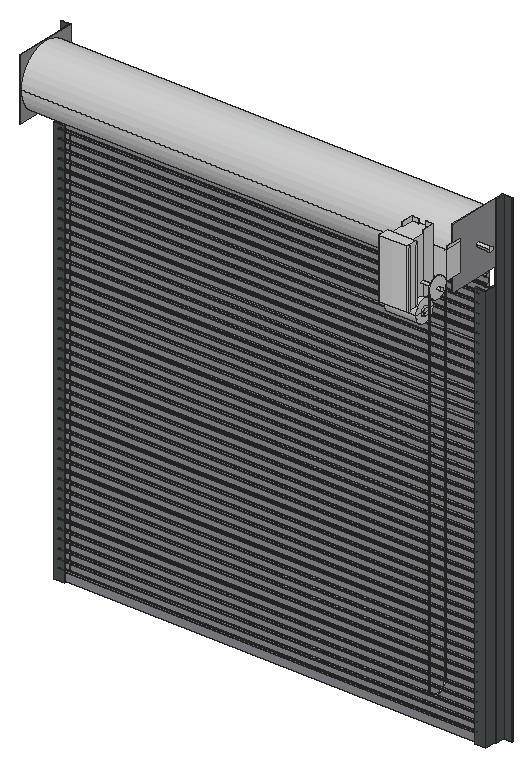
Revit family "Stormtite-Rolling-Steel-Service-Doors_OHD_Model-620_compact", category Specialty Equipment, host Wall, Revit 2023
Family settings
  Host = Wall
  Round Connector Dimension = Use Diameter
  Part Type = Normal
  OmniClass Number = 23.30.10.21.34
  OmniClass Title = Industrial Doors
  Enable Cutting in Views = No
  Always vertical = Yes
  Cut with Voids When Loaded = Yes
  Maintain Annotation Orientation = No
  Shared = No
  Room Calculation Point = No
Parameters (values of type "115 volts, one phase, 60 Hz (110-120V range)")
  Width Count [instance] = if(or(Opening Width < 240", Opening Width = 240"), 20, if(or(Opening Width < 288", Opening Width = 288"), 24, 30))  # 20
  Warning Sign [instance] = if(Calculated Area > 683.00 SF, 1 = 1, 1 = 2)  # no
  Warning (Note) [instance] = if(Warning Sign, "The Door Area is out of the limit; please adjust accordingly. The maximum allowed area is 683 sq. ft.", if(Opening Height > 360", "Headroom Clearance Dimensions - out of the limits. Consult Factory", " "))  # " "
  Wall Thickness [instance] = 6"
  Voltage = 115 V
  Version = "1.00.01"  # constant formula
  True Opening Width [instance] = if(Between Jambs Mounting, Door Width True, Clear Width)  # 120"
  True Opening Height [instance] = if(Between Jambs Mounting, Clear Height + Headroom Height, Clear Height)  # 120"
  Slat Type [instance] = if(Slat Option < 2, "F-265", "FE-265")  # "F-265"
  Slat Option [instance] = 1
  Slat Length [instance] = Clear Width + G Value * 2 - 1" / 2 * 2  # 126"
  Slat Height [instance] = if(Slat < 2, 11 9/32", if(Slat = 2, 13 3/4", 13 19/128"))  # 13 19/128"
  Slat [instance] = if(Slat Option < 2, 3, 4)  # 3
  Product Page URL = "https://www.overheaddoor.com/rolling-steel-service-doors-620"
  Power Factor = 1
  Powder Coat (Note) = "PowderGuard® Premium powder coat finish options are available in approximately 200 colors as well as custom matching to specification. PowderGuard® Textured finish, a thicker, more scratch resistant coat, is available in 11 colors providing enhanced scratch resistance as well as aiding in hiding the dirt and blemishes that often occur in commercial environments.​"  # constant formula
  Operator Visibility = yes
  Operation (Note) [instance] = "Door could operate by manual push, crank, electrical operator or chain hoist. Manual push up and crank could be used up to 80 sf, for larger door sizes you have to use Chain Hoist operator."  # constant formula
  Opening Width Real [instance] = if(Opening Width > Max Opening Width, Max Opening Width, if(Opening Width < Min Opening Width, Min Opening Width, Opening Width))  # 120"
  Opening Width [instance] = 120"
  Opening Height Real [instance] = if(Opening Height > Max Opening Height, Max Opening Height, if(Opening Height < Min Opening Height, Min Opening Height, Opening Height))  # 120"
  Opening Height [instance] = 120"
  One Array element [instance] = not(Array Vis)  # no
  Number of Poles = 1
  Motor Type [instance] = if(Between Jambs Mounting, "RSX Front of Hood", if(Motor Option < 2, "RSX Front of Hood", if(Motor Option = 2, "RSX Top of Hood", if(Motor Option = 3, "RSX Wall Mount", "RSX Bench Mount"))))  # "RSX Front of Hood"
  Motor Selection (Note) [instance] = "Generic operator shown. Contact Overhead Door when dimensions are critical. "  # constant formula
  Motor Position [instance] = if(Between Jambs Mounting, BJ Displacement Real, M Value - G Value)  # 2 3/4"
  Motor Option Real [instance] = if(Between Jambs Mounting, 1, if(Motor Option < 1, 1, if(Motor Option > 4, 4, Motor Option)))  # 1
  Motor Option [instance] = 1
  Min Opening Width [instance] = if(Between Jambs Mounting, 18" + BJ Displacement Real * 2 + G Value * 2, 18")  # 18"
  Min Opening Height [instance] = if(Between Jambs Mounting, 24" + Headroom Height, 24")  # 24"
  Max Opening Width [instance] = 364"  # constant formula
  Max Opening Height [instance] = 340"  # constant formula
  Material Finish [instance] = 620 : Standard - Gray
  M Value [instance] = if(or(Opening Width < 108", Opening Width = 108"), 5 3/4", if(or(Opening Width < 180", Opening Width = 180"), 6 1/4", if(or(Opening Width < 240", Opening Width = 240"), 7 1/4", 9 1/4")))  # 6 1/4"
  Lookup Table = "Hood Dimensions"  # constant formula
  Lookup BD [instance] = size_lookup(Lookup Table, "A3", 10", Width Count, Height Count)  # 18"
  Jambs Offset [instance] = if(Between Jambs Mounting, BJ Displacement Real + G Value, 0")  # 0"
  Installation Real [instance] = if(Between Jambs Mounting, if((Wall Thickness / 2 - Guid Depth / 2) < 0", 0", Wall Thickness / 2 - Guid Depth / 2), Wall Thickness)  # 6"
  Hood Type [instance] = if(Hood Option < 2, "No Hood", if(Hood Option = 2, "Square Hood", if(Hood Option = 3, "Octagon Hood", "Round Hood")))  # "No Hood"
  Hood Option [instance] = 1
  Hood Offset [instance] = if(Chain Hoist or Manual, 3", 5")  # 5"
  Hood Material [instance] = Metal - Overhead Door - Gray
  Hood Height [instance] = Headroom Height Real - Hood Offset  # 18"
  Height Count [instance] = HC 3  # 11
  Lookup HH [instance] = size_lookup(Lookup Table, "A3", 10", Width Count, Height Count)  # 18"
  Headroom Height Real [instance] = if(Face Of Wall Mounting, if(Chain Hoist or Manual, Lookup HH + 3", Lookup HH + 5"), Lookup HH + 3")  # 23"
  Headroom Height [instance] = if(Between Jambs Mounting, Headroom Height Real, if(Hood Option > 1, Headroom Height Real + 1 1/2", Headroom Height Real))  # 23"
  HC 3 [instance] = if(or(Opening Height < 72", Opening Height = 72"), 6, if(or(Opening Height < 96", Opening Height = 96"), 8, if(or(Opening Height < 108", Opening Height = 108"), 9, if(or(Opening Height < 132", Opening Height = 132"), 11, if(or(Opening Height < 156", Opening Height = 156"), 13, if(or(Opening Height < 192", Opening Height = 192"), 16, if(or(Opening Height < 216", Opening Height = 216"), 18, if(or(Opening Height < 252", Opening Height = 252"), 21, if(or(Opening Height < 276", Opening Height = 276"), 23, if(or(Opening Height < 300", Opening Height = 300"), 25, if(or(Opening Height < 336", Opening Height = 336"), 28, 30)))))))))))  # 11
  Guide Type [instance] = if(Between Jambs Mounting, "Angled Between Jambs Z Guide", "Angled Z Guide")  # "Angled Z Guide"
  Guide Option [instance] = if(Between Jambs Mounting, 1, 2)  # 2
  Guid Depth [instance] = if(Between Jambs Mounting, D Value + 1/4", D Value)  # 6 1/4"
  G Value [instance] = if(Between Jambs Mounting, if(or(Opening Width < 144", Opening Width = 144"), 3 1/4", if(or(Opening Width < 180", Opening Width = 180"), 3", if(or(Opening Width < 240", Opening Width = 240"), 3 1/2", 5"))), if(or(Opening Width < 108", Opening Width = 108"), 3", if(or(Opening Width < 180", Opening Width = 180"), 3 1/2", if(or(Opening Width < 240", Opening Width = 240"), 4", 5 9/16"))))  # 3 1/2"
  Frequency = 60 Hz
  Face of Wall Offset [instance] = if(Between Jambs Mounting, 0", 5")  # 5"
  Face Of Wall Mounting [instance] = not(Between Jambs Mounting)  # yes
  Door Width True [instance] = if(Between Jambs Mounting, Clear Width + BJ Displacement Real * 2 + G Value * 2, Clear Width + M Value * 2)  # 132 1/2"
  Door Width (Real) [instance] = if(Between Jambs Mounting, Clear Width, Clear Width + 1" / 2)  # 120 1/2"
  Door Height True [instance] = Clear Width + Headroom Height  # 143"
  Door Height (Real) [instance] = Clear Height + Hood Offset  # 125"
  URL = "https://www.overheaddoor.com/"
  Product data url = "https://www.bimobject.com/overhead-door/product/stormtite-rolling-steel-service-doors-620"
  Product Guid = "603663aa-8c8f-4a3c-9590-51f84dbd7839"
  Model = "620"  # constant formula
  Manufacturer = "Overhead Door Corporation"  # constant formula
  Wall Closure = By host
  Floor To (CL) of Shaft [instance] = Clear Height + Hood Height / 2 + Hood Offset  # 134"
  Finish Material = Finish - Overhead Door - Black
  Description = "Model 620 Stormtite rolling service door"  # constant formula
  Default Elevation = 0"
  Date Updated = "2026/05/29"  # constant formula
  D Value [instance] = if(Between Jambs Mounting, if(or(Opening Width < 144", Opening Width = 144"), 6 1/4", if(or(Opening Width < 180", Opening Width = 180"), 7 1/4", if(or(Opening Width < 240", Opening Width = 240"), 7 1/4", 7 5/8"))), if(or(Opening Width < 108", Opening Width = 108"), 5 11/16", if(or(Opening Width < 180", Opening Width = 180"), 6 1/4", if(or(Opening Width < 240", Opening Width = 240"), 6 3/16", 7 1/16"))))  # 6 1/4"
  Clear Width [instance] = if(Between Jambs Mounting, Opening Width Real - BJ Displacement Real * 2 - G Value * 2, Opening Width Real)  # 120"
  Clear Height [instance] = if(Between Jambs Mounting, Opening Height Real - Headroom Height, Opening Height Real)  # 120"
  Chain Hoist or Manual = no
  Current = 20 A
  Connector Array Distance = 0"  # constant formula
  Connector Array = if(Chain Hoist or Manual, 2, 3)  # 3
  BimObject_Variable_Connectors = "No"  # constant formula
  Between Jambs Mounting [instance] = no
  Between Jambs Guides Offset [instance] = 3"
  Bar [instance] = if(and(Hood Option > 1, Face Of Wall Mounting), 1 = 1, 1 = 2)  # no
  Backroom Depth [instance] = Lookup BD + 1/2"  # 18 1/2"
  BJ Opening Cut [instance] = if(Between Jambs Mounting, Headroom Height, 0")  # 0"
  BJ Displacement Real [instance] = if(Between Jambs Mounting, if(Between Jambs Guides Offset < 3", 3", if(Between Jambs Guides Offset > 6 3/4", 6 3/4", Between Jambs Guides Offset)), 0")  # 0"
  Array Vis [instance] = if(Array < 2, 1 = 2, 1 = 1)  # yes
  Array Real [instance] = if(Array < 2, 2, Array)  # 10
  Array Length [instance] = (Array) * Slat Height  # 131 31/64"
  Array [instance] = rounddown(([Door Height (Real)] - 3") / Slat Height) + 1  # 10
  Calculated Area [instance] = [Door Width (Real)] * [Door Height (Real)]  # 104.601 SF
  Apparent Load Phase 3 = if(Number of Poles = 1, 0 VA, (Voltage * Current * sqrt(3)) / 3)  # 0 VA
  Apparent Load Phase 2 = if(Number of Poles = 1, 0 VA, (Voltage * Current * sqrt(3)) / 3)  # 0 VA
  Apparent Load Phase 1 = if(Number of Poles = 1, Voltage * Current, (Voltage * Current * sqrt(3)) / 3)  # 2300 VA
Reference planes (in)
  plane 1 "Center (Front/Back)": y = -14.625
  plane 2 "Center (Left/Right)": x = 0
  plane 3 "Left": x = -60
  plane 4 "Right": x = 60
  plane 5 "Exterior": y = -8.625
  plane 6 "Interior": y = -14.625
  plane 7: x = 66.25
  plane 8: x = -66.25
  plane 9: z = 120
  plane 10 "Main": y = -20.23437
  plane 11 "Backroom Depth": y = -32.125
  plane 12 "Main Door Block": y = -13.625
  plane 13 "Bottom Bar": z = 2.75
  plane 14: y = -20.875
  plane 15: z = 134.23438
  plane 16: z = 143
  plane 17: z = 125
  plane 18: z = 144.5
  plane 19: z = 0
  plane 20: z = 60
  plane 21: y = -20.0625
  plane 22: y = 18.375
  plane 23: y = -41.625
  plane 24 "Double Main": y = -19.656
  plane 25 "Headroom Top": z = 143
  plane 26: z = 134
  plane 27: x = 63.5
  plane 28: x = -63.5
  plane 29: z = 121.08594
Forms (in)
  Extrusion 1, void
    sketch origin (0, -13.625, 0) x (0, 0, -1) y (-1, 0, 0)
      loop
        line (-120, 60) -> (-120, -60) -> (0, -60) -> (0, 60) -> (-120, 60)
    from -1 to 5
  Extrusion 2, solid, material "Metal - Overhead Door - Gray" <- "Hood Material", visible <- "Bar"
    sketch origin (0, 0, 0) x (0, 1, 0) y (0, 0, 1)
      loop
        line (-14.875, 143) -> (-14.625, 143) -> (-14.625, 144.5) -> (-14.875, 144.5) -> (-14.875, 143)
    from -63.25 to 63.25
Lines and regions (in)
  symbolic lines, visible <- "Bar"
    curve 1: line (63.25, -14.625, 0) -> (-63.25, -14.625, 0)
    curve 2: line (-63.25, -14.875, 0) -> (63.25, -14.875, 0)
Text (in)
  text "Exterior" at (-74.96733, 27.31104, 0), in view "Ref. Level"
  text "Interior" at (-74.96733, -25.14366, 0), in view "Ref. Level"
  text "Exterior" at (0, 40.15149, 123.01588), in view "Right"
  text "Interior" at (0, -64.39139, 123.01588), in view "Right"
  text "Interior" at (0, -31.01599, 123.00693), in view "Left"
  text "Exterior" at (0, 54.57065, 123.00693), in view "Left"
Dimensions and locks (in)
  equal spacing: plane 3 "Left", plane 2 "Center (Left/Right)", plane 4 "Right"
  "Clear Width": plane 3 "Left" to plane 4 "Right"
  level to host wall = 459.59655"
  "Clear Height": level to plane 9
  plane 7 to plane 8 = 132 1/2"
  equal spacing: plane 7, plane 2 "Center (Left/Right)", plane 8
  locked: plane 13 "Bottom Bar" to level at 2.75
  "Door Width True": plane 7 to plane 8
  locked: plane 14 to plane 10 "Main" at 0.64063
  "Array Length": plane 15 to plane 13 "Bottom Bar"
  "Backroom Depth": plane 11 "Backroom Depth" to plane 12 "Main Door Block"
  "Hood Height": plane 16 to plane 17
  locked: plane 18 to plane 16 at 1.5
  locked: Extrusion 2 sketch curve to Extrusion 2 sketch curve at 0.25
  "Installation Real": plane 1 "Center (Front/Back)" to plane 5 "Exterior"
  "Wall Thickness": host wall to host wall
  equal spacing: plane 9, plane 20, plane 19
  locked: plane 10 "Main" to plane 21 at 0.17187
  equal spacing: plane 22, host wall, plane 23
  locked: plane 22 to plane 23 at 60
  locked: plane 10 "Main" to plane 24 "Double Main" at 0.57837
  "BJ Opening Cut": Extrusion 1 sketch curve to plane 9
  locked: Extrusion 2 sketch curve to Extrusion 2 sketch curve at 1.5
  "Hood Offset": plane 17 to plane 9
  "Headroom Height": plane 25 "Headroom Top" to plane 9
  "Floor To (CL) of Shaft": plane 26 to level
  "Jambs Offset": plane 4 "Right" to Extrusion 1 sketch curve
  "Jambs Offset": Extrusion 1 sketch curve to plane 3 "Left"
  "Motor Position": plane 7 to plane 27
  "Motor Position": plane 28 to plane 8
  locked: plane 28 to Extrusion 2 at 0.25
  locked: Extrusion 2 to plane 27 at 0.25
  "Guid Depth": plane 14 to plane 1 "Center (Front/Back)"
  "Slat Height": plane 15 to plane 29
  equal spacing: group 2, group 10, group 9, group 8, group 7, group 6, group 5, group 4, group 3, group 1
  equal spacing: group 1, group 3, group 4, group 5, group 6, group 7, group 8, group 9, group 10, group 2  (x2)
  aligned and locked: plane 5 "Exterior" to host wall
  aligned and locked: host wall to plane 6 "Interior"
  aligned and locked: level to Extrusion 1 sketch curve
  aligned and locked: Extrusion 1 to plane 5 "Exterior"
  aligned and locked: plane 6 "Interior" to Extrusion 1
  aligned and locked: nested 1 to plane 2 "Center (Left/Right)"
  aligned and locked: plane 16 to nested 2
  aligned and locked: nested 1 to level
  aligned and locked: Extrusion 2 sketch curve to plane 18
  aligned and locked: Extrusion 2 sketch curve to plane 6 "Interior"
  aligned and locked: curve 1 to Extrusion 2  (x2)
  aligned and locked: curve 2 to Extrusion 2  (x2)
  aligned and locked: Extrusion 2 to curve 2
  aligned and locked: plane 5 "Exterior" to nested 2
  aligned and locked: level to plane 19
  aligned and locked: nested 1 to plane 1 "Center (Front/Back)"
  aligned and locked: plane 2 "Center (Left/Right)" to nested 3
  aligned and locked: nested 3 to plane 22
  aligned and locked: plane 23 to nested 4
  aligned and locked: nested 4 to plane 2 "Center (Left/Right)"
  aligned and locked: nested 5 to plane 20
  aligned and locked: plane 2 "Center (Left/Right)" to nested 5
  aligned and locked: nested 2 to plane 27
  aligned and locked: nested 5 to plane 21
  aligned and locked: plane 13 "Bottom Bar" to nested 6
  aligned and locked: plane 21 to nested 6
  aligned and locked: plane 29 to nested 7
  aligned and locked: nested 7 to plane 21
  aligned and locked: plane 13 "Bottom Bar" to nested 16
  aligned and locked: plane 21 to nested 16
Automatic sketch dimensions
  curve 1 to curve 2 = 0"
Nested families (in)
  nested 1: "Lifts" at (0, -14.625, 0), type "Frame Unit"
    with Square Hood no, Round Hood no, Octagon Hood no, No Hood yes, M Value 6 1/4", Hood Offset 5", Hood Height 18", Headroom Height Real 23", Half Octagon Side 3.72792", Half Hood Height 18", Shaft Offset 9", Radius Hood 9", Headroom Height 23", Header Width 18 1/2", Guide Z Wide 2 3/4", Floor To (CL) of Shaft 134", D Value 6 1/4"
  nested 2: "Motor" at (56.6205, -40.705, 122.93), visible <- "Operator Visibility", type "Trolley Motor"
    with Vertical Mount 20.07", Hood Width Real 18 1/2", Hood Width 18 1/2", Hood Height 18", Floor To Cl Shaft 134"
  nested 3: "Label Annotation 1" at (0, 18.375, 0), visible <- "Warning Sign", type "Label Annotation 1"
  nested 4: "Label Annotation 1" at (0, -41.625, 0) x (-1, 0, 0) z (0, 0, 1), visible <- "Warning Sign", type "Label Annotation 1"
  nested 5: "Warning Sign" at (0, -20.0625, 60), visible <- "Warning Sign", type "Warning Sign"
    with Warning Sign no
  nested 6: "620" at (0, -20.0625, 2.75), type <- "Material Finish", Opening Width <- "Slat Length", Slat Option <- "Slat", visible <- "Array Vis", type "Standard - Gray"
    with Void Offset 1", Void Height 1", Slat Width 0.63", Slat Position + Offset 14.044", Slat Position 13.15", Slat Option 3, Opening Width 126", Integrated Cutout no, F 265, FE 265 yes, Cutout Width Offset 1", Cutout Vertical Offset 0.894", Cutout Horizontal Offset 1", C 275 no, C 187 Standard no
  nested 7: "620" at (0, -20.0625, 121.08594), type <- "Material Finish", Opening Width <- "Slat Length", Slat Option <- "Slat", visible <- "Array Vis", type "Standard - Gray"
    with Void Offset 1", Void Height 1", Slat Width 0.63", Slat Position + Offset 14.044", Slat Position 13.15", Slat Option 3, Opening Width 126", Integrated Cutout no, F 265, FE 265 yes, Cutout Width Offset 1", Cutout Vertical Offset 0.894", Cutout Horizontal Offset 1", C 275 no, C 187 Standard no
  nested 8: "620" at (0, -20.0625, 15.89844), type <- "Material Finish", Opening Width <- "Slat Length", Slat Option <- "Slat", visible <- "Array Vis", type "Standard - Gray"
    with Void Offset 1", Void Height 1", Slat Width 0.63", Slat Position + Offset 14.044", Slat Position 13.15", Slat Option 3, Opening Width 126", Integrated Cutout no, F 265, FE 265 yes, Cutout Width Offset 1", Cutout Vertical Offset 0.894", Cutout Horizontal Offset 1", C 275 no, C 187 Standard no
  nested 9: "620" at (0, -20.0625, 29.04688), type <- "Material Finish", Opening Width <- "Slat Length", Slat Option <- "Slat", visible <- "Array Vis", type "Standard - Gray"
    with Void Offset 1", Void Height 1", Slat Width 0.63", Slat Position + Offset 14.044", Slat Position 13.15", Slat Option 3, Opening Width 126", Integrated Cutout no, F 265, FE 265 yes, Cutout Width Offset 1", Cutout Vertical Offset 0.894", Cutout Horizontal Offset 1", C 275 no, C 187 Standard no
  nested 10: "620" at (0, -20.0625, 42.19531), type <- "Material Finish", Opening Width <- "Slat Length", Slat Option <- "Slat", visible <- "Array Vis", type "Standard - Gray"
    with Void Offset 1", Void Height 1", Slat Width 0.63", Slat Position + Offset 14.044", Slat Position 13.15", Slat Option 3, Opening Width 126", Integrated Cutout no, F 265, FE 265 yes, Cutout Width Offset 1", Cutout Vertical Offset 0.894", Cutout Horizontal Offset 1", C 275 no, C 187 Standard no
  nested 11: "620" at (0, -20.0625, 55.34375), type <- "Material Finish", Opening Width <- "Slat Length", Slat Option <- "Slat", visible <- "Array Vis", type "Standard - Gray"
    with Void Offset 1", Void Height 1", Slat Width 0.63", Slat Position + Offset 14.044", Slat Position 13.15", Slat Option 3, Opening Width 126", Integrated Cutout no, F 265, FE 265 yes, Cutout Width Offset 1", Cutout Vertical Offset 0.894", Cutout Horizontal Offset 1", C 275 no, C 187 Standard no
  nested 12: "620" at (0, -20.0625, 68.49219), type <- "Material Finish", Opening Width <- "Slat Length", Slat Option <- "Slat", visible <- "Array Vis", type "Standard - Gray"
    with Void Offset 1", Void Height 1", Slat Width 0.63", Slat Position + Offset 14.044", Slat Position 13.15", Slat Option 3, Opening Width 126", Integrated Cutout no, F 265, FE 265 yes, Cutout Width Offset 1", Cutout Vertical Offset 0.894", Cutout Horizontal Offset 1", C 275 no, C 187 Standard no
  nested 13: "620" at (0, -20.0625, 81.64063), type <- "Material Finish", Opening Width <- "Slat Length", Slat Option <- "Slat", visible <- "Array Vis", type "Standard - Gray"
    with Void Offset 1", Void Height 1", Slat Width 0.63", Slat Position + Offset 14.044", Slat Position 13.15", Slat Option 3, Opening Width 126", Integrated Cutout no, F 265, FE 265 yes, Cutout Width Offset 1", Cutout Vertical Offset 0.894", Cutout Horizontal Offset 1", C 275 no, C 187 Standard no
  nested 14: "620" at (0, -20.0625, 94.78906), type <- "Material Finish", Opening Width <- "Slat Length", Slat Option <- "Slat", visible <- "Array Vis", type "Standard - Gray"
    with Void Offset 1", Void Height 1", Slat Width 0.63", Slat Position + Offset 14.044", Slat Position 13.15", Slat Option 3, Opening Width 126", Integrated Cutout no, F 265, FE 265 yes, Cutout Width Offset 1", Cutout Vertical Offset 0.894", Cutout Horizontal Offset 1", C 275 no, C 187 Standard no
  nested 15: "620" at (0, -20.0625, 107.9375), type <- "Material Finish", Opening Width <- "Slat Length", Slat Option <- "Slat", visible <- "Array Vis", type "Standard - Gray"
    with Void Offset 1", Void Height 1", Slat Width 0.63", Slat Position + Offset 14.044", Slat Position 13.15", Slat Option 3, Opening Width 126", Integrated Cutout no, F 265, FE 265 yes, Cutout Width Offset 1", Cutout Vertical Offset 0.894", Cutout Horizontal Offset 1", C 275 no, C 187 Standard no
  nested 16: "620" at (0, -20.0625, 2.75), type <- "Material Finish", Slat Option <- "Slat", visible <- "One Array element", Opening Width <- "Slat Length", type "Standard - Gray"
    with Void Offset 1", Void Height 1", Slat Width 0.63", Slat Position + Offset 14.044", Slat Position 13.15", Slat Option 3, Opening Width 126", Integrated Cutout no, F 265, FE 265 yes, Cutout Width Offset 1", Cutout Vertical Offset 0.894", Cutout Horizontal Offset 1", C 275 no, C 187 Standard no
Connectors (in)
  electrical at (59.6085, -39.31077, 133.4998), driven by "Apparent Load Phase 1", driven by "Power Factor", driven by "Voltage", driven by "Apparent Load Phase 2", driven by "Apparent Load Phase 3", driven by "Number of Poles"
    settings: on nested 2, index 1, voltage 115 V, apparent load 0 VA, apparent load phase1 2300 VA, apparent load phase2 0 VA, apparent load phase3 0 VA, power factor 1, load classification "Other", number of poles 1, system type 31, power factor state 1, is connector primary yes, connector utility no, sub classification motor no, connector description "Electrical Connector"
Definition of nested family "Lifts"
  Parameters (values of type "Frame Unit")
    True Width = if(Between Jambs, Opening Width, Opening Width + 1/2")  # 120 1/2"
    Square Hood [instance] = if(Hood Option = 2, 1 = 1, 1 = 2)  # no
    Slat Option = 1
    Round Hood [instance] = if(Hood Option > 3, 1 = 1, 1 = 2)  # no
    Rough Width = 0"
    Rough Height = 0"
    Octagon Hood [instance] = if(Hood Option = 3, 1 = 1, 1 = 2)  # no
    No Hood [instance] = if(Hood Option < 2, 1 = 1, 1 = 2)  # yes
    M Value = 5 1/4"
    Hood Type = if(Hood Option < 2, "No Hood", if(Hood Option = 2, "Square Hood", if(Hood Option = 3, "Octagon Hood", "Round Hood")))  # "No Hood"
    Hood Option = 1
    Hood Offset = 3"
    Hood Height = Headroom Height Real - Hood Offset  # 16"
    Headroom Height Real = Headroom Height  # 19"
    Half Octagon Side = (Radius Hood * 2 * tan(180.00° / 8)) / 2  # 3.00305"
    Half Hood Height = Headroom Height - Hood Offset  # 16"
    G Value = 3 1/2"
    E Guide Width = if(Between Jambs, Guide Offset - G Value + BJ Connection Length - BJ Displacement * 2 / 3, 3")  # 3"
    E Guide Height = 3"  # constant formula
    Z Guide = 1 = 1  # yes
    Slat Material = none
    Shaft Offset = if(Hood Option > 3, (Header Width - (Header Width - Hood Height)) / 2, if(Hood Height < Header Width, (Header Width - (Header Width - Hood Height)) / 2, Header Width / 2))  # 7 1/4"
    Shaft Material = none
    Shaft Length 2 = if(Between Jambs, G Value + BJ Displacement, G Value + 4")  # 7 1/2"
    Shaft Length 1 = if(Between Jambs, G Value + BJ Displacement, G Value + 4")  # 7 1/2"
    Setback = if(Between Jambs, 0", 1/4")  # 1/4"
    Radius Hood = Shaft Offset  # 7 1/4"
    Opening Width = 120"
    Hood Material = none
    Headroom Height = 19"
    Header Width = 14 1/2"
    Opening Height = 120"
    Guide Type = if(Between Jambs, "Angled Between Jambs Z Guide", if(Guide Option > 1, "Angled Z Guide", "Angled E Guide"))  # "Angled Z Guide"
    Guide Option = if(Between Jambs, 1, 2)  # 2
    Guide Offset = BJ Displacement + G Value  # 3 1/2"
    Guide Z Wide = if(Between Jambs, Guide Offset - G Value + BJ Connection Length - BJ Displacement * 2 / 3, M Value - G Value)  # 1 3/4"
    Guide Z Height = 3"  # constant formula
    Floor To (CL) of Shaft = 131"
    Finish Material = none
    Face to Wall Mount = not(Between Jambs)  # yes
    E Guide = if(Between Jambs, 1 = 1, 1 = 2)  # no
    Default Elevation = 0"
    D Value = 4 1/2"
    Between Jambs = no
    BJ Position = if(Between Jambs, 1/4", 0")  # 0"
    BJ Displacement = 0"
    BJ Connection Length = 1 / 3 * BJ Displacement  # 0"
    Angled Guide = 1 = 1  # yes
  Reference planes (in)
    plane 1 "Center (Front/Back)": y = 0
    plane 2: z = 0
    plane 3 "Center (Left/Right)": x = 0
    plane 4 "Opening Height": z = 120
    plane 5: x = -67.5
    plane 6: x = 67.5
    plane 7: z = 139
    plane 8: y = 14.5
    plane 9 "Real Opening 2": x = -60
    plane 10 "Real Opening 1": x = 60
    plane 11: z = 123
    plane 12 "Main": y = 0
    plane 13: z = 131
    plane 14: y = 7.25
    plane 15: x = 63.5
    plane 16: x = -63.5
    plane 17: x = -63.5
    plane 18: x = 63.5
    plane 19: y = 4.5
    plane 20: x = -63.25
    plane 21: x = 63.25
    plane 22: y = 7.25
    plane 23: z = 140.5
    plane 24: y = 4.5
    plane 25: y = 3.375
    plane 26: y = 4.5
    plane 27: y = 3.375
  Forms (in)
    Extrusion 1, solid, material <- "Slat Material"
      sketch origin (0, 0, 0) x (0, 1, 0) y (0, 0, 1)
        loop
          line (3.6875, 2.375) -> (3.6875, 2.75) -> (3.0625, 2.75) -> (3.0625, 2.375) -> (3.6875, 2.375)
      from -63.25 to 63.25
    Extrusion 2, solid, material <- "Slat Material"
      sketch origin (0, 0, 0) x (0, 1, 0) y (0, 0, 1)
        loop
          line (3.6875, 2.375) -> (3.0625, 2.375) -> (3.0625, 0) -> (3.6875, 0) -> (3.6875, 2.375)
      from -63.25 to 63.25
    Extrusion 3, solid, material <- "Shaft Material"
      sketch origin (0, -5.35201, 0) x (0, 1, 0) y (0, 0, 1)
        loop
          circle (12.60201, 131) r 0.6
      from -67.5 to 67.5
    Extrusion 4, solid, material <- "Hood Material", visible <- "Square Hood"
      sketch origin (0, 0, 0) x (0, 1, 0) y (0, 0, 1)
        loop
          line (0, 123) -> (14.5, 123) -> (14.5, 139) -> (0, 139) -> (0, 123)
      from -63.25 to 63.25
    Extrusion 5, solid, material <- "Hood Material", visible <- "Round Hood"
      sketch origin (0, 0, 0) x (0, 1, 0) y (0, 0, 1)
        loop
          line (0, 139) -> (0, 123) -> (7.25, 123)
          arc (7.25, 123) -> (15.25, 131) -> (7.25, 139) r 8
          line (7.25, 139) -> (0, 139)
      from -63.25 to 63.25
    Extrusion 6, solid, material <- "Finish Material", visible <- "E Guide"
      sketch origin (0, 0, 0) x (1, 0, 0) y (0, 1, 0)
        loop
          line (60.5, 0) -> (63.5, 0) -> (63.5, 3) -> (63.4375, 3)
          arc (63.4375, 3) -> (63.30492, 2.94508) -> (63.25, 2.8125) r 0.1875
          line (63.25, 2.8125) -> (63.25, 0.25) -> (60.6875, 0.25)
          arc (60.6875, 0.25) -> (60.55492, 0.19508) -> (60.5, 0.0625) r 0.1875
          line (60.5, 0.0625) -> (60.5, 0)
        loop
          line (-60.5, 0) -> (-60.5, 0.0625)
          arc (-60.5, 0.0625) -> (-60.55492, 0.19508) -> (-60.6875, 0.25) r 0.1875
          line (-60.6875, 0.25) -> (-63.25, 0.25) -> (-63.25, 2.8125)
          arc (-63.25, 2.8125) -> (-63.30492, 2.94508) -> (-63.4375, 3) r 0.1875
          line (-63.4375, 3) -> (-63.5, 3) -> (-63.5, 0) -> (-60.5, 0)
      from 0 to 139
    Extrusion 7, solid, material <- "Finish Material", visible <- "Z Guide"
      sketch origin (0, 0, 0) x (1, 0, 0) y (0, 1, 0)
        loop
          line (65.25, 0) -> (65.25, 0.062)
          arc (65.25, 0.062) -> (65.19494, 0.19494) -> (65.062, 0.25) r 0.188
          line (65.062, 0.25) -> (63.75, 0.25) -> (63.75, 2.812)
          arc (63.75, 2.812) -> (63.69494, 2.94494) -> (63.562, 3) r 0.188
          line (63.562, 3) -> (63.5, 3) -> (63.5, 0) -> (65.25, 0)
        loop
          line (-65.25, 0) -> (-63.5, 0) -> (-63.5, 3) -> (-63.562, 3)
          arc (-63.562, 3) -> (-63.69494, 2.94494) -> (-63.75, 2.812) r 0.188
          line (-63.75, 2.812) -> (-63.75, 0.25) -> (-65.062, 0.25)
          arc (-65.062, 0.25) -> (-65.19494, 0.19494) -> (-65.25, 0.062) r 0.188
          line (-65.25, 0.062) -> (-65.25, 0)
      from 0 to 139
    Extrusion 8, solid, material <- "Finish Material", visible <- "Angled Guide"
      sketch origin (0, 0, 0) x (1, 0, 0) y (0, 1, 0)
        loop
          line (60.25, 4.5) -> (60.25, 4.437)
          arc (60.25, 4.437) -> (60.30477, 4.30477) -> (60.437, 4.25) r 0.187
          line (60.437, 4.25) -> (63.25, 4.25) -> (63.25, 2.5) -> (60.25, 2.5) -> (60.25, 2.437)
          arc (60.25, 2.437) -> (60.30477, 2.30477) -> (60.437, 2.25) r 0.187
          line (60.437, 2.25) -> (63, 2.25) -> (63, 0.5625) -> (63.25, 0.5625) -> (63.25, 0.25) -> (63.5, 0.25) -> (63.5, 4.5) -> (60.25, 4.5)
        loop
          line (-60.25, 4.5) -> (-63.5, 4.5) -> (-63.5, 0.25) -> (-63.25, 0.25) -> (-63.25, 0.5625) -> (-63, 0.5625) -> (-63, 2.25) -> (-60.437, 2.25)
          arc (-60.437, 2.25) -> (-60.30477, 2.30477) -> (-60.25, 2.437) r 0.187
          line (-60.25, 2.437) -> (-60.25, 2.5) -> (-63.25, 2.5) -> (-63.25, 4.25) -> (-60.437, 4.25)
          arc (-60.437, 4.25) -> (-60.30477, 4.30477) -> (-60.25, 4.437) r 0.187
          line (-60.25, 4.437) -> (-60.25, 4.5)
      from 0 to 120
    Extrusion 9, solid, material <- "Hood Material"
      sketch origin (0, 0, 0) x (-1, 0, 0) y (0, 0, 1)
        loop
          line (63.25, 123) -> (63.5, 123) -> (63.5, 139) -> (63.25, 139) -> (63.25, 123)
        loop
          line (-63.5, 123) -> (-63.25, 123) -> (-63.25, 139) -> (-63.5, 139) -> (-63.5, 123)
      from 0 to 14.5
    Extrusion 10, solid, material <- "Shaft Material", visible <- "No Hood"
      sketch origin (0, 0, 0) x (0, 1, 0) y (0, 0, 1)
        loop
          circle (7.25, 131) r 7.25
      from -63.25 to 63.25
    Extrusion 11, solid, material <- "Hood Material", visible <- "Octagon Hood"
      sketch origin (0, 0, 0) x (0, 1, 0) y (0, 0, 1)
        loop
          line (0, 139) -> (0, 123) -> (10.25305, 123) -> (14.5, 127.99695) -> (14.5, 134.00305) -> (10.25305, 139) -> (0, 139)
      from -63.25 to 63.25
  Lines and regions (in)
    Masking region 1
      outline origin (0, 0, 0) x (1, 0, 0) y (0, 1, 0)
        loop
          line (67.5, 7.85) -> (63.5, 7.85) -> (63.5, 6.65) -> (67.5, 6.65) -> (67.5, 7.85)
        loop
          line (-67.5, 6.65) -> (-63.5, 6.65) -> (-63.5, 7.85) -> (-67.5, 7.85) -> (-67.5, 6.65)
    Masking region 2
      outline origin (0, 0, 0) x (1, 0, 0) y (0, 1, 0)
        loop
          line (-63.5, 14.5) -> (-63.5, 0) -> (63.5, 0) -> (63.5, 14.5) -> (-63.5, 14.5)
    Masking region 3, visible <- "Z Guide"
      outline origin (0, 0, 0) x (1, 0, 0) y (0, 1, 0)
        loop
          line (65.062, 0.25) -> (63.75, 0.25) -> (63.75, 2.812)
          arc (63.75, 2.812) -> (63.69494, 2.94494) -> (63.562, 3) r 0.188
          line (63.562, 3) -> (63.5, 3) -> (63.5, 0) -> (65.25, 0) -> (65.25, 0.062)
          arc (65.25, 0.062) -> (65.19494, 0.19494) -> (65.062, 0.25) r 0.188
        loop
          line (-63.75, 0.25) -> (-65.062, 0.25)
          arc (-65.062, 0.25) -> (-65.19494, 0.19494) -> (-65.25, 0.062) r 0.188
          line (-65.25, 0.062) -> (-65.25, 0) -> (-63.5, 0) -> (-63.5, 3) -> (-63.562, 3)
          arc (-63.562, 3) -> (-63.69494, 2.94494) -> (-63.75, 2.812) r 0.188
          line (-63.75, 2.812) -> (-63.75, 0.25)
    Masking region 4, visible <- "E Guide"
      outline origin (0, 0, 0) x (1, 0, 0) y (0, 1, 0)
        loop
          line (-63.5, 3) -> (-63.5, 0) -> (-60.5, 0) -> (-60.5, 0.0625)
          arc (-60.5, 0.0625) -> (-60.55492, 0.19508) -> (-60.6875, 0.25) r 0.1875
          line (-60.6875, 0.25) -> (-63.25, 0.25) -> (-63.25, 2.8125)
          arc (-63.25, 2.8125) -> (-63.30492, 2.94508) -> (-63.4375, 3) r 0.1875
          line (-63.4375, 3) -> (-63.5, 3)
        loop
          line (63.5, 0) -> (63.5, 3) -> (63.4375, 3)
          arc (63.4375, 3) -> (63.30492, 2.94508) -> (63.25, 2.8125) r 0.1875
          line (63.25, 2.8125) -> (63.25, 0.25) -> (60.6875, 0.25)
          arc (60.6875, 0.25) -> (60.55492, 0.19508) -> (60.5, 0.0625) r 0.1875
          line (60.5, 0.0625) -> (60.5, 0) -> (63.5, 0)
    symbolic lines
      curve 1: line (-63.25, 0, 0) -> (-63.25, 14.5, 0)
      curve 2: line (63.25, 14.5, 0) -> (63.25, 0, 0)
    symbolic lines, visible <- "Octagon Hood"
      curve 3: line (-63.25, 10.25305, 0) -> (63.25, 10.25305, 0)
  Dimensions and locks (in)
    Extrusion 1 sketch curve to level = 2 3/8"
    locked: Extrusion 1 sketch curve to Extrusion 1 sketch curve at 0.625
    locked: Extrusion 2 sketch curve to level at 2.375
    "Headroom Height Real": plane 7 to plane 4 "Opening Height"
    plane 8 to plane 1 "Center (Front/Back)" = 14 1/2"
    "Radius Hood": Extrusion 5 sketch curve to plane 8
    "Opening Height": plane 4 "Opening Height" to level
    "Hood Offset": plane 11 to plane 4 "Opening Height"
    "BJ Position": plane 12 "Main" to plane 1 "Center (Front/Back)"
    "Header Width": plane 12 "Main" to plane 8
    "Floor To (CL) of Shaft": plane 13 to level
    "Shaft Offset": Extrusion 3 sketch curve to plane 8
    locked: Extrusion 2 sketch curve to Extrusion 2 sketch curve at 0.625
    "Shaft Offset": plane 8 to plane 14
    locked: Masking region 1 sketch curve to Masking region 1 sketch curve at 1.2
    locked: Masking region 1 sketch curve to plane 14 at 0.6
    "Guide Offset": plane 10 "Real Opening 1" to plane 15
    "Guide Offset": plane 16 to plane 9 "Real Opening 2"
    locked: Extrusion 6 sketch curve to Extrusion 6 sketch curve at 0.25  (x4)
    "E Guide Height": Extrusion 6 sketch curve to Extrusion 6 sketch curve  (x2)
    "E Guide Width": Extrusion 6 sketch curve to Extrusion 6 sketch curve  (x2)
    locked: Extrusion 7 sketch curve to Extrusion 7 sketch curve at 0.25  (x4)
    "Guide Z Wide": Extrusion 7 sketch curve to Extrusion 7 sketch curve  (x2)
    "Guide Z Height": Extrusion 7 sketch curve to Extrusion 7 sketch curve  (x2)
    locked: Extrusion 8 sketch curve to Extrusion 8 sketch curve at 0.25  (x8)
    locked: Extrusion 8 sketch curve to Extrusion 8 sketch curve at 2.25  (x2)
    locked: Extrusion 8 sketch curve to Extrusion 8 sketch curve at 4.25  (x2)
    locked: Extrusion 8 sketch curve to Extrusion 8 sketch curve at 0.3125  (x2)
    "Setback": plane 10 "Real Opening 1" to Extrusion 8 sketch curve
    "Setback": Extrusion 8 sketch curve to plane 9 "Real Opening 2"
    equal spacing: plane 16, plane 3 "Center (Left/Right)", plane 15
    "G Value": Extrusion 7 sketch curve to plane 9 "Real Opening 2"
    "G Value": plane 10 "Real Opening 1" to Extrusion 7 sketch curve
    "G Value": plane 10 "Real Opening 1" to plane 18
    "G Value": plane 17 to plane 9 "Real Opening 2"
    "Shaft Length 1": plane 5 to plane 9 "Real Opening 2"
    "Shaft Length 2": plane 6 to plane 10 "Real Opening 1"
    locked: Extrusion 2 to plane 18 at 0.25
    locked: Extrusion 2 to plane 17 at 0.25
    locked: plane 17 to plane 20 at 0.25
    locked: plane 21 to plane 18 at 0.25
    "Shaft Offset": Extrusion 10 sketch curve to plane 8
    plane 13 to plane 11 = 8"
    plane 7 to plane 13 = 8"
    "Shaft Offset": plane 22 to plane 8
    "Half Octagon Side": Extrusion 11 sketch curve to plane 13
    "Half Octagon Side": plane 13 to Extrusion 11 sketch curve
    "Half Octagon Side": plane 22 to Extrusion 11 sketch curve  (x2)
    equal spacing: plane 9 "Real Opening 2", plane 3 "Center (Left/Right)", plane 10 "Real Opening 1"
    "Opening Width": plane 9 "Real Opening 2" to plane 10 "Real Opening 1"
    locked: plane 23 to plane 7 at 1.5
    "D Value": plane 1 "Center (Front/Back)" to plane 19
    "D Value": plane 24 to plane 1 "Center (Front/Back)"
    locked: plane 24 to plane 25 at 1.125
    equal spacing: Extrusion 1 sketch curve, plane 25, Extrusion 1 sketch curve
    "D Value": plane 26 to plane 1 "Center (Front/Back)"
    locked: plane 26 to plane 27 at 1.125
    equal spacing: Extrusion 2 sketch curve, plane 27, Extrusion 2 sketch curve
    "G Value": plane 10 "Real Opening 1" to Extrusion 8 sketch curve
    "G Value": Extrusion 8 sketch curve to plane 9 "Real Opening 2"
    radius of Extrusion 6 sketch curve = 3/16"  (x4)
    radius of Extrusion 7 sketch curve = 0.188"  (x4)
    locked: Extrusion 8 sketch curve to Extrusion 8 sketch curve (radius 0.187")  (x4)
    "Radius Hood": radius of Extrusion 10 sketch curve
    aligned and locked: plane 2 to level
    aligned and locked: plane 5 to Extrusion 3
    aligned and locked: Extrusion 3 to plane 6
    aligned and locked: Extrusion 4 sketch curve to plane 7
    aligned and locked: Extrusion 4 sketch curve to plane 8
    aligned and locked: Extrusion 5 sketch curve to plane 7
    aligned and locked: plane 13 to Extrusion 3 sketch curve
    aligned and locked: plane 5 to Masking region 1 sketch curve
    aligned and locked: plane 6 to Masking region 1 sketch curve
    aligned and locked: Masking region 1 sketch curve to Masking region 1 sketch curve  (x2)
    aligned and locked: plane 12 "Main" to Extrusion 6 sketch curve  (x2)
    aligned and locked: Extrusion 6 sketch curve to plane 15
    aligned and locked: plane 16 to Extrusion 6 sketch curve
    aligned and locked: Extrusion 7 sketch curve to plane 1 "Center (Front/Back)"  (x2)
    aligned and locked: Extrusion 8 sketch curve to Extrusion 8 sketch curve  (x4)
    aligned and locked: plane 19 to Extrusion 8 sketch curve
    aligned and locked: Extrusion 8 sketch curve to plane 19
    aligned and locked: plane 4 "Opening Height" to Extrusion 8
    aligned and locked: Extrusion 5 sketch curve to plane 12 "Main"
    aligned and locked: plane 12 "Main" to Extrusion 4 sketch curve
    aligned and locked: Extrusion 9 sketch curve to plane 11  (x2)
    aligned and locked: Extrusion 9 sketch curve to plane 7  (x2)
    aligned and locked: plane 17 to Extrusion 9 sketch curve
    aligned and locked: Extrusion 9 sketch curve to plane 18
    aligned and locked: Masking region 2 sketch curve to Extrusion 4
    aligned and locked: Masking region 2 to curve 2  (x2)
    aligned and locked: Masking region 2 to curve 1  (x2)
    aligned and locked: Masking region 3 sketch curve to Extrusion 7  (x10)
    aligned and locked: Extrusion 7 to Masking region 3 sketch curve
    aligned and locked: Masking region 4 sketch curve to Extrusion 6  (x10)
    aligned and locked: Extrusion 2 to Extrusion 1
    aligned and locked: Extrusion 1 to Extrusion 2
    aligned and locked: Extrusion 9 to curve 1
    aligned and locked: Extrusion 9 to curve 2
    aligned and locked: Masking region 2 to plane 17
    aligned and locked: Masking region 2 to plane 18
    aligned and locked: plane 18 to Masking region 1 sketch curve
    aligned and locked: Masking region 1 sketch curve to plane 17
    aligned and locked: plane 20 to Extrusion 9 sketch curve
    aligned and locked: plane 21 to Extrusion 9 sketch curve
    aligned and locked: plane 20 to Extrusion 4
    aligned and locked: plane 20 to Extrusion 5
    aligned and locked: Extrusion 4 to plane 21
    aligned and locked: Extrusion 5 to plane 21
    aligned and locked: plane 13 to Extrusion 10 sketch curve
    aligned and locked: Extrusion 11 sketch curve to plane 12 "Main"
    aligned and locked: Extrusion 11 sketch curve to plane 7
    aligned and locked: Extrusion 11 sketch curve to plane 11
    aligned and locked: Extrusion 11 sketch curve to plane 8
    aligned and locked: Extrusion 11 to plane 20
    aligned and locked: Extrusion 11 to plane 21
    aligned and locked: plane 20 to Extrusion 10
    aligned and locked: Extrusion 10 to plane 21
    aligned and locked: plane 8 to Extrusion 9
    aligned and locked: Extrusion 11 to curve 3
    aligned and locked: plane 20 to curve 3
    aligned and locked: plane 21 to curve 3
    aligned and locked: plane 7 to Extrusion 7
    aligned and locked: plane 7 to Extrusion 6
    aligned and locked: Extrusion 4 sketch curve to plane 11
    aligned and locked: Extrusion 5 sketch curve to plane 11
  Automatic sketch dimensions
    plane 17 to Masking region 2 sketch curve = 0"
    Masking region 2 sketch curve to plane 18 = 0"
    Masking region 2 sketch curve to plane 1 "Center (Front/Back)" = 0"
    Extrusion 1 sketch curve to Extrusion 1 sketch curve = 3/8"
    Extrusion 2 sketch curve to level = 0"
    radius of Extrusion 3 sketch curve = 0.6"
Definition of nested family "Motor"
  Parameters (values of type "Trolley Motor")
    Wall Mount RSX = if(Chain Hoist, 1 = 2, if(Motor Option = 3, 1 = 1, 1 = 2))  # no
    Top Mount RSX = if(Chain Hoist, 1 = 2, if(Motor Option = 2, 1 = 1, 1 = 2))  # no
    Shaft Material = none
    Real Exterior Wall Offset = if(Wall Mount RSX, Displacement, Exterior Wall Offset + if(and(BJ, Bench Mount RSX, Hood Width < 19 1/2"), 2.6", 0"))  # 6"
    Not Chain Hoist = not(Chain Hoist)  # yes
    Not Bench + Top = not(or(Top Mount RSX, Chain Hoist, Bench Mount RSX))  # yes
    Horizontal Mount = if(Face Mount RSX, 5.08" + 0.12" + 2.38", if(Top Mount RSX, 11.19", if(Wall Mount RSX, 5.08", if(Bench Mount RSX, 4.77" + if(or(Hood Width < 14", Hood Width = 14"), 6.13", if(or(Hood Width < 16", Hood Width = 16"), 4.13", 3 1/4")), 0"))))  # 7.58"
    Not Fire King = if(Chain Hoist, 1 = 2, not(Chain Hoist))  # yes
    Vertical Mount = if(Face Mount RSX, 11.07" + Hood Height / 2, if(Top Mount RSX, 14.92" - 0.13" - 2.38", if(Wall Mount RSX, 20.03" + 6" + Hood Height / 2, if(Bench Mount RSX, 20" + 2.29" + Hood Height / 2, Hood Height))))  # 18.07"
    Motor Type = if(Motor Option < 2, "RSX FDO Face Mount", if(Motor Option = 2, "RSX FDO Top Mount", if(Motor Option = 3, "RSX Wall Mount", if(Motor Option = 4, "RSX Bench Mount", "Chain Hoist"))))  # "RSX FDO Face Mount"
    Motor Option = 1
    Main Material = none
    Hood Width Real = if(Wall Mount RSX, 0", if(Chain Hoist, if(Hood Height < Hood Width, (Hood Width + (Hood Width - Hood Height)) / 2, Hood Width / 2), Hood Width))  # 14 1/2"
    Hood Width = 14 1/2"
    Hood Height = 14"
    Hood Mount = if(or(Face Mount RSX, Top Mount RSX), 0.37", if(Wall Mount RSX, if(BJ, 12.24" + BJ Displacement, 14.74"), if(Bench Mount RSX, 14.49", 4.26")))  # 0.37"
    Floor To Cl Shaft = 132"
    Fire King RHX = 1 = 2  # no
    Top Option Offset = if(or(Top Mount RSX, Bench Mount RSX), 20", 0")  # 0"
    Face+Top = if(Chain Hoist, 1 = 2, if(or(Face Mount RSX, Top Mount RSX), 1 = 1, 1 = 2))  # yes
    Face Mount RSX = if(Chain Hoist, 1 = 2, if(Motor Option < 2, 1 = 1, 1 = 2))  # yes
    Top + Bench = if(Chain Hoist, 1 = 2, if(or(Top Mount RSX, Bench Mount RSX), 1 = 1, 1 = 2))  # no
    Face + Top + Bench = if(Chain Hoist, 1 = 2, if(or(Face Mount RSX, Top Mount RSX, Bench Mount RSX), 1 = 1, 1 = 2))  # yes
    Exterior Wall Offset = 6"
    Displacement = 6"
    Default Elevation = 48"
    Chain V Offset = if(or(Face Mount RSX, Wall Mount RSX), 6.53", if(or(Top Mount RSX, Bench Mount RSX), 18.81", Hood Height / 2))  # 6.53"
    Chain H Offset = if(or(Face Mount RSX, Wall Mount RSX), 1.19", if(or(Top Mount RSX, Bench Mount RSX), 6.53", 0"))  # 1.19"
    Chain Hoist = no
    Bench Mount RSX = if(Chain Hoist, 1 = 2, if(Motor Option > 3, 1 = 1, 1 = 2))  # no
    BJ Displacement = 0"
    BJ = no
    Angle = if(or(Bench Mount RSX, Top Mount RSX), 90.00°, 180.00°)  # 180.00°
  Reference planes (in)
    plane 1 "Center (Front/Back)": y = 0
    plane 2: z = 0
    plane 3 "Center (Left/Right)": x = 0
    plane 4: y = 0
    plane 5: y = 1.19
    plane 6: z = -125.47
    plane 7: z = -95.47
    plane 8: z = 6.53
    plane 9 "Chain Hoist": z = 6.53
    plane 10 "Top Of Hood": z = 18.07
    plane 11: y = 7.58
    plane 12: z = 0
    plane 13 "Hood Face": x = 6.8795
    plane 14: x = 7.2495
    plane 15: y = 22.08
    plane 16 "Wall": y = 28.08
  Forms (in)
    Extrusion 1, solid, material <- "Main Material", visible <- "Not Chain Hoist"
      sketch origin (0, 0, 18.8898) x (1, 0, 0) y (0, 1, 0)
        loop
          line (-4.134, -2.41307) -> (4.116, -2.41307) -> (4.116, -2.29347) -> (3.108, -2.29347)
          arc (3.108, -2.29347) -> (3.02315, -2.25832) -> (2.988, -2.17347) r 0.12
          line (2.988, -2.17347) -> (2.988, 4.96193) -> (-2.988, 4.96193) -> (-2.988, -2.17347)
          arc (-2.988, -2.17347) -> (-3.02315, -2.25832) -> (-3.108, -2.29347) r 0.12
          line (-3.108, -2.29347) -> (-4.134, -2.29347) -> (-4.134, -2.41307)
      from -16.64 to 0
    Extrusion 2, solid, material <- "Main Material", visible <- "Not Chain Hoist"
      sketch origin (0, 0, 18.8898) x (1, 0, 0) y (0, 1, 0)
        loop
          line (-4.134, -2.41307) -> (-4.134, -5.05565) -> (-4.3324, -5.05565) -> (-4.3324, -5.3122)
          arc (-4.3324, -5.3122) -> (-4.24466, -5.55085) -> (-4.02324, -5.67585) r 0.36846
          arc (-4.02324, -5.67585) -> (0, -6.0017) -> (4.02324, -5.67585) r 25
          arc (4.02324, -5.67585) -> (4.24466, -5.55085) -> (4.3324, -5.3122) r 0.36846
          line (4.3324, -5.3122) -> (4.3324, -5.05565) -> (4.116, -5.05565) -> (4.116, -2.41307) -> (-4.134, -2.41307)
      from -17 to 0.35839
    Revolve 3, solid, material <- "Main Material", visible <- "Not Fire King"
      sketch origin (2.0828, 5.66524, 0) x (0, -1, 0) y (1, 0, 0)
        loop
          line (5.66524, -9.0813) -> (5.66524, 3.1162) -> (4.82413, 3.1162) -> (4.82413, 2.7162) -> (4.39283, 2.7162) -> (4.39283, 2.4872) -> (2.50257, 2.4872) -> (2.50257, -6.6585) -> (3.79863, -6.6585) -> (3.79863, -7.51105) -> (3.89778, -7.6102) -> (5.36033, -7.6102) -> (5.36033, -7.8313) -> (4.69783, -7.8313) -> (4.69783, -9.0813) -> (5.66524, -9.0813)
        axis (5.66524, -9.0813) -> (5.66524, 3.1162)
      angle from 0 to 360
    Extrusion 4, solid, material <- "Main Material", visible <- "Wall Mount RSX"
      sketch origin (0, 0, 18.8898) x (1, 0, 0) y (0, 1, 0)
        loop
          line (-2.988, 5.08193) -> (-4.988, 5.08193) -> (-4.988, 4.96193) -> (-3.108, 4.96193) -> (-3.108, 1.46193) -> (-2.988, 1.46193) -> (-2.988, 5.08193)
        loop
          line (2.988, 5.08193) -> (2.988, 1.46193) -> (3.108, 1.46193) -> (3.108, 4.96193) -> (4.988, 4.96193) -> (4.988, 5.08193) -> (2.988, 5.08193)
      from -16.64 to 1.14
    Extrusion 5, solid, material <- "Main Material"
      sketch origin (0, 0.00141, 3.59957) x (0, 0, 1) y (0, -1, 0)
        loop
          circle (2.93043, -1.18859) r 3
      from 7.52 to 7.2495
    Sweep 6, solid, material <- "Main Material"
      path origin (7.38475, 9.53, 48) x (0, 1, 0) y (0, 0, 1)
        loop
          line (-11.34, -41.47) -> (-11.34, -143.47)
          arc (-11.34, -143.47) -> (-8.34, -146.47) -> (-5.34, -143.47) r 3
          line (-5.34, -143.47) -> (-5.34, -41.47)
      profile origin (7.38475, -1.81, -44.47) x (1, 0, 0) y (0, 1, 0)
        loop
          circle (0, 0.1) r 0.1
    Extrusion 7, solid, material <- "Main Material"
      sketch origin (0, 0.00141, 3.59957) x (0, 0, 1) y (0, -1, 0)
        loop
          circle (2.93043, -1.18859) r 0.4
      from 8.82 to 0
    Extrusion 8, solid, material <- "Main Material", visible <- "Face+Top"
      sketch origin (0, 0, 18.8898) x (1, 0, 0) y (0, 1, 0)
        loop
          line (7.2495, 5.08193) -> (7.2495, 9.82193) -> (7.1295, 9.82193) -> (7.1295, 5.20193) -> (-2.988, 5.20193) -> (-2.988, 5.08193) -> (7.2495, 5.08193)
      from -12.32 to -4.32
    Extrusion 9, solid, material <- "Main Material", visible <- "Face + Top + Bench"
      sketch origin (0.25, 0, 18.8898) x (1, 0, 0) y (0, 1, 0)
        loop
          line (-3.358, 5.08193) -> (-3.358, 1.46193) -> (-3.238, 1.46193) -> (-3.238, 4.96193) -> (-1.238, 4.96193) -> (-1.238, 5.08193) -> (-3.358, 5.08193)
        loop
          line (2.858, 5.08193) -> (0.738, 5.08193) -> (0.738, 4.96193) -> (2.738, 4.96193) -> (2.738, 1.46193) -> (2.858, 1.46193) -> (2.858, 5.08193)
      from -16.64 to 1.14
    Extrusion 10, solid, material <- "Main Material", visible <- "Face+Top"
      sketch origin (0, 0, 0) x (0, 0, 1) y (0, -1, 0)
        loop
          line (15.5698, -5.33193) -> (6.5698, -5.33193) -> (6.5698, -9.82193) -> (15.5698, -9.82193) -> (15.5698, -5.33193)
      from 6.8795 to 7.1295
    Extrusion 11, solid, material <- "Main Material", visible <- "Bench Mount RSX"
      sketch origin (0, 0, 18.8898) x (1, 0, 0) y (0, 1, 0)
        loop
          line (-6.9985, 5.08193) -> (3.108, 5.08193) -> (3.108, 5.20193) -> (-7.1205, 5.20193) -> (-7.1205, 1.33693) -> (-6.9985, 1.33693) -> (-6.9985, 5.08193)
      from -10.78 to -1.46
    Extrusion 12, solid, material <- "Main Material", visible <- "Bench Mount RSX"
      sketch origin (0, 0, 0) x (0, 0, 1) y (0, -1, 0)
        loop
          line (8.2698, -1.46193) -> (8.2698, -4.96193) -> (17.2698, -4.96193) -> (17.2698, -1.46193) -> (8.2698, -1.46193)
      from -7.24 to -7.1205
  Lines and regions (in)
    reference lines
      curve 1: line (0, 0, 0) -> (0, 0, 18.8898)
  Dimensions and locks (in)
    Extrusion 4 sketch curve to Extrusion 4 sketch curve = 3.62"
    locked: Extrusion 4 sketch curve to Extrusion 4 sketch curve at 0.12  (x3)
    "Chain H Offset": plane 4 to plane 5
    locked: plane 7 to plane 6 at 30
    locked: Sweep 6 sketch curve to profile plane at 0
    locked: profile plane to Sweep 6 sketch curve at 0.1
    locked: Sweep 6 sketch curve to Sweep 6 sketch curve at 6
    "Floor To Cl Shaft": plane 8 to plane 6
    "Horizontal Mount": plane 1 "Center (Front/Back)" to plane 11
    Extrusion 9 sketch curve to Extrusion 9 sketch curve = 3.62"
    locked: Extrusion 9 sketch curve to Extrusion 9 sketch curve at 0.12  (x3)
    "Top Option Offset": level to plane 12
    "Chain V Offset": plane 9 "Chain Hoist" to plane 12
    equal spacing: Sweep 6 sketch curve, plane 5, Sweep 6 sketch curve
    "Vertical Mount": plane 10 "Top Of Hood" to plane 12
    locked: Extrusion 2 sketch curve to Extrusion 2 sketch curve at 8.25
    locked: Extrusion 2 sketch curve to Extrusion 2 sketch curve at 2.64258
    locked: plane 3 "Center (Left/Right)" to plane 14 at 7.2495
    "Hood Mount": plane 13 "Hood Face" to plane 14
    locked: Extrusion 8 sketch curve to Extrusion 8 sketch curve at 0.12  (x2)
    locked: Extrusion 8 sketch curve to curve 1 at 5.08193
    "Hood Width Real": plane 11 to plane 15
    "Real Exterior Wall Offset": plane 15 to plane 16 "Wall"
    locked: Extrusion 8 sketch curve to Extrusion 8 sketch curve at 4.62
    Revolve 3 sketch curve to Revolve 3 sketch curve to Revolve 3 sketch curve to Revolve 3 sketch curve to Revolve 3 sketch curve to Revolve 3 sketch curve to Revolve 3 sketch curve = 1 1/4" locked, 0.2211" locked, 0.9517" locked, 9.1457" locked, 0.229" locked, 0.4" locked
    Revolve 3 sketch curve to Revolve 3 sketch curve to Revolve 3 sketch curve to Revolve 3 sketch curve to Revolve 3 sketch curve to Revolve 3 sketch curve to Revolve 3 sketch curve to Revolve 3 sketch curve = 0.30491" locked, 0.53619" locked, 0.12631" locked, 0.305" locked, 0.49505" locked, 0.09915" locked, 1.29606" locked
    locked: Extrusion 1 sketch curve to Extrusion 1 sketch curve at 0.1196
    locked: Extrusion 1 sketch curve to Extrusion 1 sketch curve at 5.976
    equal spacing: Extrusion 1 sketch curve, curve 1, Extrusion 1 sketch curve
    locked: curve 1 to Extrusion 1 sketch curve at 2.41307
    locked: Extrusion 1 sketch curve to Extrusion 1 sketch curve at 7.375
    locked: Extrusion 9 sketch curve to curve 1 at 1.46193
    equal spacing: Extrusion 4 sketch curve, curve 1, Extrusion 4 sketch curve
    locked: Extrusion 4 sketch curve to curve 1 at 1.46193
    locked: Extrusion 10 sketch curve to Extrusion 10 sketch curve at 4.49
    locked: Extrusion 10 sketch curve to Extrusion 10 sketch curve at 9
    locked: Extrusion 10 sketch curve to curve 1 at 9.82193
    locked: Extrusion 10 sketch curve to curve 1 at 6.5698
    locked: Revolve 3 sketch curve to plane 3 "Center (Left/Right)" at 4.5757
    locked: Extrusion 4 sketch curve to Extrusion 4 sketch curve at 5.976
    locked: Extrusion 9 sketch curve to plane 3 "Center (Left/Right)" at 2.988
    locked: plane 3 "Center (Left/Right)" to Extrusion 9 sketch curve at 3.108
    locked: Extrusion 4 sketch curve to Extrusion 4 sketch curve at 2
    locked: Extrusion 4 sketch curve to Extrusion 4 sketch curve at 1.88
    locked: Extrusion 8 sketch curve to Extrusion 8 sketch curve at 10.2375
    locked: curve 1 to Extrusion 8 sketch curve at 7.2495
    locked: Extrusion 1 sketch curve to Extrusion 1 sketch curve at 1.128
    locked: Extrusion 1 sketch curve to Extrusion 1 sketch curve at 1.146
    locked: curve 1 to Extrusion 2 sketch curve at 2.41307
    locked: Extrusion 11 sketch curve to Extrusion 11 sketch curve at 0.122
    locked: Extrusion 11 sketch curve to Extrusion 11 sketch curve at 0.12
    locked: Extrusion 11 sketch curve to curve 1 at 6.9985
    locked: Extrusion 11 sketch curve to curve 1 at 5.08193
    locked: Extrusion 11 sketch curve to Extrusion 11 sketch curve at 10.1065
    locked: Extrusion 11 sketch curve to Extrusion 11 sketch curve at 3.865
    locked: Extrusion 12 sketch curve to Extrusion 12 sketch curve at 3.5
    locked: curve 1 to Extrusion 12 sketch curve at 1.46193
    locked: Extrusion 12 sketch curve to Extrusion 12 sketch curve at 9
    locked: Extrusion 12 sketch curve to curve 1 at 10.62
    radius of Extrusion 5 sketch curve = 3"
    radius of Sweep 6 sketch curve = 3"
    radius of Sweep 6 sketch curve = 0.1"
    radius of Extrusion 7 sketch curve = 0.4"
    radius of Extrusion 2 sketch curve = 0.36846"  (x2)
    radius of Extrusion 1 sketch curve = 0.12"  (x2)
    radius of Extrusion 2 sketch curve = 25"
    "Angle": angle curve 1 to plane 1 "Center (Front/Back)"
    angle Extrusion 2 sketch curve to Extrusion 2 sketch curve = 90.00°
    locked: Extrusion 2 sketch curve to Extrusion 2 sketch curve (angle 90.00°)
    aligned and locked: plane 2 to level
    aligned and locked: Revolve 3 sketch curve to Revolve 3 sketch curve
    aligned and locked: plane 1 "Center (Front/Back)" to curve 1
    aligned and locked: level to curve 1
    aligned and locked: plane 1 "Center (Front/Back)" to plane 4
    aligned and locked: Extrusion 4 sketch curve to Extrusion 4 sketch curve  (x3)
    aligned and locked: plane 7 to Sweep 6 sketch curve  (x2)
    aligned and locked: plane 8 to Sweep 6 sketch curve  (x2)
    aligned and locked: plane 5 to Extrusion 5 sketch curve
    aligned and locked: plane 9 "Chain Hoist" to Extrusion 5 sketch curve
    aligned and locked: plane 5 to Extrusion 7 sketch curve
    aligned and locked: plane 9 "Chain Hoist" to Extrusion 7 sketch curve
    aligned and locked: plane 8 to plane 9 "Chain Hoist"
    aligned and locked: Extrusion 9 sketch curve to Extrusion 9 sketch curve  (x3)
    aligned and locked: Extrusion 2 sketch curve to Extrusion 2 sketch curve
    aligned and locked: Extrusion 1 sketch curve to Extrusion 1 sketch curve
    aligned and locked: plane 4 to nested 1
    aligned and locked: plane 3 "Center (Left/Right)" to nested 1
  Automatic sketch dimensions
    plane 1 "Center (Front/Back)" to Revolve 3 sketch curve = 0"
    Revolve 3 sketch curve to Revolve 3 sketch curve = 0.09915"
    Revolve 3 sketch curve to Revolve 3 sketch curve = 4.7892"
    Revolve 3 sketch curve to plane 14 = 1.9628"
    Extrusion 9 sketch curve to plane 3 "Center (Left/Right)" = 0.988"
    plane 3 "Center (Left/Right)" to Extrusion 9 sketch curve = 0.988"
    Extrusion 2 sketch curve to plane 3 "Center (Left/Right)" = 0"
    Extrusion 2 sketch curve to Extrusion 2 sketch curve = 0.1984"
    Extrusion 2 sketch curve to Extrusion 2 sketch curve = 0.15206"
    Extrusion 2 sketch curve to Extrusion 2 sketch curve = 0.25654"
    Extrusion 2 sketch curve to Extrusion 2 sketch curve = 0"  (x2)
    Extrusion 2 sketch curve to Extrusion 2 sketch curve = 0.0593"
  Nested families (in)
    nested 1: "2D_NotScalableMain_29e791da-3db9-4234-ab15-44456784202b" at (0, 0, 0), type "Default"
      with Not Top + Bench yes, Face Mount yes, Chain Hoist no
  Definition of nested family "2D_NotScalableMain_29e791da-3db9-4234-ab15-44456784202b"
    Parameters (values of type "Default")
      Wall Mount = no
      Top Mount = no
      Not Top + Bench = no
      Fire King Face Mount = no
      Face Mount = no
      Top + Bench = no
      Chain Hoist = yes
      Bench Mount = no
    Reference planes (in)
      plane 1 "Center (Front/Back)": y = 0
      plane 2: z = 0
      plane 3 "Center (Left/Right)": x = 0
    Lines and regions (in)
      Masking region 1, in view "Ref. Level", visible <- "Not Top + Bench"
        outline origin (0, 0, 0) x (1, 0, 0) y (0, 1, 0)
          loop
            line (-6.9985, -0.96741) -> (-5.7485, -0.96741) -> (-5.7485, -0.30491) -> (-5.5274, -0.30491) -> (-5.5274, -1.76746) -> (-5.42825, -1.86661) -> (-4.5757, -1.86661) -> (-4.5757, -3.22517) -> (-4.134, -3.22517) -> (-4.134, -5.05565) -> (-4.3324, -5.05565) -> (-4.3324, -5.3122)
            arc (-4.3324, -5.3122) -> (-4.24466, -5.55085) -> (-4.02324, -5.67585) r 0.36846
            arc (-4.02324, -5.67585) -> (0, -6.0017) -> (4.02324, -5.67585) r 25
            arc (4.02324, -5.67585) -> (4.24466, -5.55085) -> (4.3324, -5.3122) r 0.36846
            line (4.3324, -5.3122) -> (4.3324, -5.05565) -> (4.116, -5.05565) -> (4.116, -3.22517) -> (4.57, -3.22517) -> (4.57, -1.27241) -> (4.799, -1.27241) -> (4.799, -0.84111) -> (5.199, -0.84111) -> (5.199, 0.79) -> (7.2495, 0.79) -> (7.2495, -1.81) -> (7.52, -1.81) -> (7.52, 0.79) -> (8.82, 0.79) -> (8.82, 1.59) -> (7.52, 1.59) -> (7.52, 4.19) -> (7.2495, 4.19) -> (7.2495, 1.59) -> (4.57, 1.59) -> (4.57, 3.22517) -> (2.988, 3.22517) -> (2.988, 4.96193) -> (-2.988, 4.96193) -> (-2.988, 3.22517) -> (-4.5757, 3.22517) -> (-4.5757, 1.86661) -> (-5.42825, 1.86661) -> (-5.5274, 1.76746) -> (-5.5274, 0.30491) -> (-5.7485, 0.30491) -> (-5.7485, 0.96741) -> (-6.9985, 0.96741) -> (-6.9985, -0.96741)
      Masking region 2, in view "Ref. Level", visible <- "Fire King Face Mount"
        outline origin (0, 0, 0) x (1, 0, 0) y (0, 1, 0)
          loop
            circle (0, 1.59) r 2.87397
          loop
            line (-2.988, 7.80693) -> (-2.988, 4.96193) -> (2.988, 4.96193) -> (2.988, 7.80693) -> (0.82, 7.80693) -> (0.82, 16.89193) -> (0.57, 16.89193) -> (0.57, 7.80693) -> (-2.988, 7.80693)
      Masking region 3, in view "Ref. Level", visible <- "Face Mount"
        outline origin (0, 0, 0) x (1, 0, 0) y (0, 1, 0)
          loop
            line (-3.108, 1.46193) -> (-2.988, 1.46193) -> (-2.988, 4.96193) -> (2.988, 4.96193) -> (2.988, 1.46193) -> (3.108, 1.46193) -> (3.108, 5.08193) -> (7.2495, 5.08193) -> (7.2495, 9.82193) -> (6.8795, 9.82193) -> (6.8795, 5.33193) -> (7.1295, 5.33193) -> (7.1295, 5.20193) -> (-2.988, 5.20193) -> (-2.988, 5.08193) -> (-3.108, 5.08193) -> (-3.108, 1.46193)
